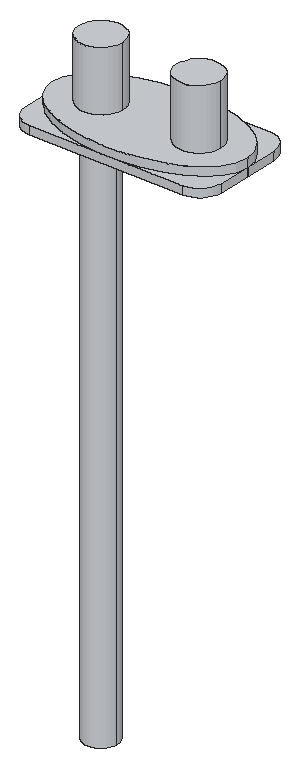
Revit family "Prier C-634", category Plumbing Fixtures, host Face, Revit 2012
Parameters (values of type "3/4" Inlet")
  Waste Connection = no
  Vent Connection = no
  URL = "http://www.prier.com/content/spec-sheets.html"
  Type Comments = if(Satin Nickel Plated, "Satin Nickel Plated", if(Rough Brass, "Rough Brass", "Custom"))  # "Satin Nickel Plated"
  Satin Nickel Plated = yes
  Rough Brass = no
  Outlet Size [instance] = 1"
  Outlet Radius [instance] = Outlet Size / 2  # 0' - 0 1/2"
  Model = "C-634"
  Manufacturer = "Prier"
  Inlet Radius = Inlet Size / 2  # 0' - 0 3/8"
  Inlet Size = 3/4"
  Hydrant Length [instance] = 1' - 0"
  HW Connection = no
  Default Elevation = 2' - 0"
  Custom = no
  Code Standards = "ASSE 1019, ASSE 1052, & CUPC"
  Code Listings = "ASSE. CUPC, & IAPMO"
  CW Connection = yes
Types (3): name | Inlet Radius | Inlet Size
  (no name) | 0' - 0 3/8" | 3/4"
  3/4" Inlet | 0' - 0 3/8" | 3/4"
  1" Inlet | 0' - 0 1/2" | 1"
Reference planes (in)
  plane 1 "Center (Front/Back)": y = 0
  plane 2: z = 0
  plane 3 "Center (Left/Right)": x = 0
  plane 4 "Hydrant Length": z = -12
  plane 5 "End of Threads": z = -12.75
  plane 6: z = 1.32812
  plane 7: z = 1.375
  plane 8: z = 1.42187
  plane 9: z = 1.46875
  plane 10: z = 1.51562
  plane 11: z = 1.5625
  plane 12: z = 1.60937
  plane 13: z = 1.65625
  plane 14: z = 1.70312
Forms (in)
  Extrusion 1, solid
    sketch origin (0, 0, 0) x (1, 0, 0) y (0, 1, 0)
      loop
        arc (-1.75, 1.25) -> (-2.10355, 1.10355) -> (-2.25, 0.75) r 0.5
        line (-2.25, 0.75) -> (-2.25, -0.75)
        arc (-2.25, -0.75) -> (-2.10355, -1.10355) -> (-1.75, -1.25) r 0.5
        line (-1.75, -1.25) -> (1.75, -1.25)
        arc (1.75, -1.25) -> (2.10355, -1.10355) -> (2.25, -0.75) r 0.5
        line (2.25, -0.75) -> (2.25, 0.75)
        arc (2.25, 0.75) -> (2.10355, 1.10355) -> (1.75, 1.25) r 0.5
        line (1.75, 1.25) -> (-1.75, 1.25)
    from 0 to 0.187
  Extrusion 2, solid
    sketch origin (0, 0, 0) x (1, 0, 0) y (0, 1, 0)
      loop
        circle (-1.125, 0) r 0.5
      loop
        circle (1.125, 0) r 0.5
    from 0 to 1.75
  Extrusion 3, solid
    sketch origin (0, 0, -2.25) x (-1, 0, 0) y (0, -1, 0)
      loop
        circle (1.125, 0) r 0.375
    from 2.25 to -10.5
  Extrusion 4, solid
    sketch origin (0.75, 0.25, 0) x (1, 0, 0) y (0, 1, 0)
      loop
        spline (-3, -0.25) -> (-2.92333, -0.57352) -> (-2.69856, -0.875) -> (-2.34099, -1.13388) -> (-1.875, -1.33253) -> (-1.33234, -1.45741) -> (-0.75, -1.5) -> (-0.16766, -1.45741) -> (0.375, -1.33253) -> (0.84099, -1.13388) -> (1.19856, -0.875) -> (1.42333, -0.57352) -> (1.5, -0.25)
        spline (1.5, -0.25) -> (1.42333, 0.07352) -> (1.19856, 0.375) -> (0.84099, 0.63388) -> (0.375, 0.83253) -> (-0.16766, 0.95741) -> (-0.75, 1) -> (-1.33234, 0.95741) -> (-1.875, 0.83253) -> (-2.34099, 0.63388) -> (-2.69856, 0.375) -> (-2.92333, 0.07352) -> (-3, -0.25)
    from 0 to 0.375
Lines and regions (in)
  symbolic lines, style "PlumbingFixtures", detail levels fine
    curve 1: line (-1.5, 0, 0) -> (-1.5, 0, -12.75)
    curve 2: line (-1.5, 0, -12.75) -> (-0.75, 0, -12.75)
    curve 3: line (-0.75, 0, -12.75) -> (-0.75, 0, 0)
    curve 17: line (2.25, 0, 0) -> (2.25, 0, 0.375)
    curve 18: line (-2.25, 0, 0) -> (-2.25, 0, 0.375)
    curve 19: line (-2.25, 0, 0.375) -> (2.25, 0, 0.375)
    curve 20: line (-2.25, 0, 0) -> (2.25, 0, 0)
    curve 21: line (-0.625, 0, 0.375) -> (-0.625, 0, 1.75)
    curve 22: line (-1.625, 0, 0.375) -> (-1.625, 0, 1.75)
    curve 23: line (-1.625, 0, 1.75) -> (-0.625, 0, 1.75)
    curve 24: line (0.625, 0, 0.375) -> (0.625, 0, 1.75)
    curve 25: line (1.625, 0, 0.375) -> (1.625, 0, 1.75)
    curve 26: line (1.625, 0, 1.75) -> (0.625, 0, 1.75)
  symbolic lines, detail levels coarse+medium
    curve 4: line (-1.125, 0, 9.30462) -> (-1.125, 0, 0)
    curve 5: line (-3.375, 0, 6.6875) -> (1.125, 0, 6.6875)
    curve 7: line (-1.125, 0, -12.75) -> (-1.125, 0, 0)
  symbolic lines, not visible, detail levels coarse+medium
    curve 6: line (2.25, 6.90231, 0) -> (2.25, 2.40231, 0)
  model lines, detail levels fine
    curve 8: circle (1.125, 0, 1.32812) r 0.5 normal (0, 0, 1)
    curve 9: circle (1.125, 0, 1.375) r 0.5 normal (0, 0, 1)
    curve 10: circle (1.125, 0, 1.42187) r 0.5 normal (0, 0, 1)
    curve 11: circle (1.125, 0, 1.46875) r 0.5 normal (0, 0, 1)
    curve 12: circle (1.125, 0, 1.51562) r 0.5 normal (0, 0, 1)
    curve 13: circle (1.125, 0, 1.5625) r 0.5 normal (0, 0, 1)
    curve 14: circle (1.125, 0, 1.60937) r 0.5 normal (0, 0, 1)
    curve 15: circle (1.125, 0, 1.65625) r 0.5 normal (0, 0, 1)
    curve 16: circle (1.125, 0, 1.70312) r 0.5 normal (0, 0, 1)
  reference lines
    curve 27: line (1.125, 0, 1.88356) -> (1.125, 0, 2.03799)
Dimensions and locks (in)
  locked: plane 4 "Hydrant Length" to plane 5 "End of Threads" at 0.75
  "Hydrant Length": plane 2 to plane 4 "Hydrant Length"
  "Outlet Radius": curve 25 to curve 27
  locked: curve 27 to plane 3 "Center (Left/Right)" at 1.125
  "Outlet Radius": curve 27 to curve 24
  "Inlet Radius": curve 3 to curve 4
  "Inlet Radius": curve 1 to curve 4
  "Inlet Radius": radius of Extrusion 3 sketch curve
  radius of Extrusion 2 sketch curve = 0' - 0 1/2"
  "Outlet Radius": radius of Extrusion 2 sketch curve
  "Outlet Radius": radius of curve 8
  "Outlet Radius": radius of curve 9
  "Outlet Radius": radius of curve 10
  "Outlet Radius": radius of curve 11
  "Outlet Radius": radius of curve 12
  "Outlet Radius": radius of curve 13
  "Outlet Radius": radius of curve 14
  "Outlet Radius": radius of curve 15
  "Outlet Radius": radius of curve 16
  aligned and locked: plane 2 to host face
  aligned and locked: level to host face
  aligned and locked: Extrusion 1 to level
  aligned and locked: plane 1 "Center (Front/Back)" to Extrusion 3 sketch curve
  aligned and locked: Extrusion 3 to plane 5 "End of Threads"
  aligned and locked: curve 2 to plane 5 "End of Threads"
  aligned and locked: plane 5 "End of Threads" to curve 7
  aligned and locked: Extrusion 2 to plane 2
  aligned and locked: plane 2 to Extrusion 3
  aligned and locked: plane 2 to curve 3
  aligned and locked: plane 3 "Center (Left/Right)" to Extrusion 4 sketch curve
  aligned and locked: plane 1 "Center (Front/Back)" to Extrusion 4 sketch curve
  aligned and locked: plane 1 "Center (Front/Back)" to Extrusion 2 sketch curve
  aligned and locked: level to curve 17
  aligned and locked: curve 17 to Extrusion 1
  aligned and locked: curve 17 to Extrusion 4
  aligned and locked: curve 19 to Extrusion 4
  aligned and locked: curve 23 to Extrusion 2
  aligned and locked: curve 7 to curve 4
Automatic sketch dimensions
  curve 5 to curve 4 = 0' - 2 1/4"
  curve 4 to curve 5 = 0' - 2 1/4"
  curve 5 to curve 4 = 0' - 2.61712"
  curve 4 to curve 5 = 0' - 6 11/16"
  host sketch curve to host sketch curve = 0' - 7.38617"
  host sketch curve to host sketch curve = 0' - 6.70795"
  Extrusion 1 sketch curve to plane 1 "Center (Front/Back)" = 0' - 0 3/4"
  Extrusion 1 sketch curve to plane 3 "Center (Left/Right)" = 0' - 2 1/4"
  Extrusion 1 sketch curve to Extrusion 1 sketch curve = 0' - 0 1/2"  (x3)
  plane 3 "Center (Left/Right)" to Extrusion 1 sketch curve = 0' - 1 3/4"  (x2)
  plane 1 "Center (Front/Back)" to Extrusion 1 sketch curve = 0' - 0 3/4"
  plane 1 "Center (Front/Back)" to Extrusion 2 sketch curve = 0' - 0"
  Extrusion 2 sketch curve to plane 3 "Center (Left/Right)" = 0' - 1 1/8"
  plane 3 "Center (Left/Right)" to Extrusion 2 sketch curve = 0' - 1 1/8"
  Extrusion 3 sketch curve to plane 3 "Center (Left/Right)" = 0' - 1 1/8"
  Extrusion 4 sketch curve to plane 3 "Center (Left/Right)" = 0' - 2 1/4"
  plane 1 "Center (Front/Back)" to curve 8 = 0' - 0"
  plane 3 "Center (Left/Right)" to curve 8 = 0' - 1 1/8"
  plane 1 "Center (Front/Back)" to curve 9 = 0' - 0"
  plane 3 "Center (Left/Right)" to curve 9 = 0' - 1 1/8"
  plane 1 "Center (Front/Back)" to curve 10 = 0' - 0"
  plane 3 "Center (Left/Right)" to curve 10 = 0' - 1 1/8"
  plane 1 "Center (Front/Back)" to curve 11 = 0' - 0"
  plane 3 "Center (Left/Right)" to curve 11 = 0' - 1 1/8"
  plane 1 "Center (Front/Back)" to curve 12 = 0' - 0"
  plane 3 "Center (Left/Right)" to curve 12 = 0' - 1 1/8"
  plane 1 "Center (Front/Back)" to curve 13 = 0' - 0"
  plane 3 "Center (Left/Right)" to curve 13 = 0' - 1 1/8"
  plane 1 "Center (Front/Back)" to curve 14 = 0' - 0"
  plane 3 "Center (Left/Right)" to curve 14 = 0' - 1 1/8"
  plane 1 "Center (Front/Back)" to curve 15 = 0' - 0"
  plane 3 "Center (Left/Right)" to curve 15 = 0' - 1 1/8"
  plane 1 "Center (Front/Back)" to curve 16 = 0' - 0"
  plane 3 "Center (Left/Right)" to curve 16 = 0' - 1 1/8"
  plane 14 to curve 27 = 0' - 0.33487"
  curve 27 to curve 27 = 0' - 0.15443"
  curve 23 to plane 3 "Center (Left/Right)" = 0' - 1 5/8"
  curve 3 to curve 21 = 0' - 0 1/8"
  plane 14 to curve 24 = 0' - 0 3/64"
Connectors (in)
  piping at (-1.125, 0, -12.75), driven by "Inlet Radius"
    settings: on Extrusion 3, index 1, connector radius 3/8", flow factor 0, pipe flow 0 GPM, pressure drop 0.00 psi, fitting loss kfactor 0, connector angle 0.00°, fixture units 0, engagement length 0' - 0", flow configuration 0, flow direction 1, fitting loss method 0, system type 20, joint type 0, gender type 0, connector reference index -1, connector utility 0, adjustable connector no, is connector primary yes, fitting loss table "", connector description "Cold Water Inlet"
